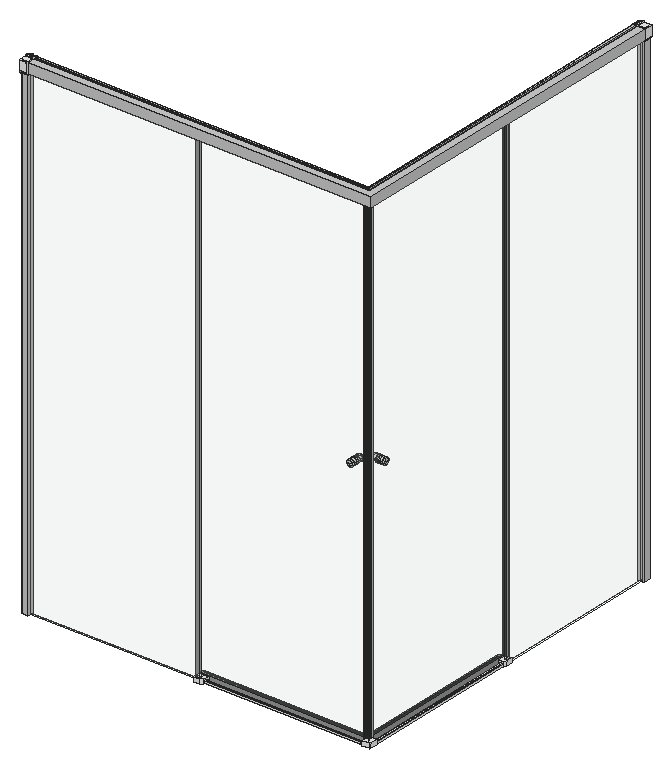
Revit family "Sanitary_Shower-screens_Duscholux_DuschoGravity_Slider-twin-doors-corner-shower", category Plumbing Fixtures, Revit 2016 (continued)
Definition of nested family "Handle-Gravity"
  Parameters (values of type "Tirador311489")
    Default Elevation = 1219.2 mm
  Reference planes
    plane 1 "Centro (Frontal/Posterior)": y = 0
    plane 2: z = 0
    plane 3 "Centro (Izquierda/Derecha)": x = 0
  Forms (mm)
    Extrusion 1, solid
      sketch origin (0, 0, 0) x (1, 0, 0) y (0, 1, 0)
        loop
          line (-1219.2, 1219.2) -> (-1219.2, -1219.2) -> (1219.2, -1219.2) -> (1219.2, 1219.2) -> (-1219.2, 1219.2)
      from 0 to -304.8
    Revolve 2, solid
      sketch origin (-255.555, 0, -108.84) x (1, 0, 0) y (0, 0, 1)
        loop
          arc (255.555, 132.84) -> (249.874, 132.609) -> (244.231, 131.918) r 70
          arc (244.231, 131.918) -> (243.027, 131.235) -> (242.555, 129.934) r 2
          line (242.555, 129.934) -> (242.555, 127.939) -> (244.555, 127.403) -> (244.555, 113.44) -> (242.555, 112.904) -> (242.555, 108.84) -> (255.555, 108.84) -> (255.555, 132.84)
        axis (255.555, 132.84) -> (255.555, 108.84)
      angle from 0 to 360
  Dimensions and locks
    aligned and locked: plane 2 to Extrusion 1
    aligned and locked: level to Extrusion 1
Types (4, lengths in mm): name | Width L2 | Width L1 | Sliding Door Width L2 | Sliding Door Width L1 | Min Max Width L2 | Min Max Widht L1 | Max Height | Height | Handle Material | Handle Height | Frame Material | Accesories Material
  (no name) | 1400 | 1400 | 676.2 | 676.2 | 1400 | 1400 | 2000 | 2000 | Chrome_Finish | 1000 | Silver Matt Aluminium Finish | Chrome_Finish
  Platinum Aluminium Finish | 1400 | 1400 | 676.2 | 676.2 | 1400 | 1400 | 1800 | 1800 | Chrome_Finish | 900 | Platinum Aluminium Finish | Chrome_Finish
  White Aluminium Finish | 1200 | 1200 | 576.2 | 576.2 | 1200 | 1200 | 2000 | 2000 | White Finish | 1000 | White Aluminium Finish | White Finish
  Silver Matt Aluminium Finish | 1400 | 1400 | 676.2 | 676.2 | 1400 | 1400 | 2000 | 2000 | Chrome_Finish | 1000 | Silver Matt Aluminium Finish | Chrome_Finish
